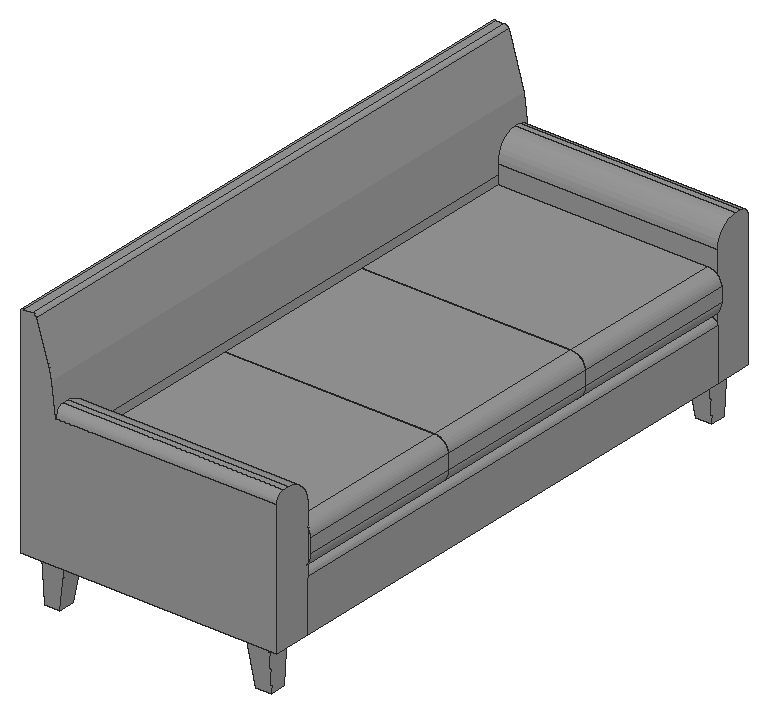
Revit family "Couch", category Furniture, Revit 2015
Reference planes (in)
  plane 1 "Center Front/Back": y = 0
  plane 2: z = 0
  plane 3 "Center Left/Right": x = 0
  plane 4 "r1": y = -43.14527
  plane 5 "r2": y = -38.14527
  plane 6 "r3": x = 14.51371
Forms (in)
  Extrusion 1, solid, material "couch1"
    sketch origin (0, -43.14527, 0) x (-1, 0, 0) y (0, 0, 1)
      loop
        arc (18.73629, 34) -> (18.58984, 34.35355) -> (18.23629, 34.5) r 0.5
        line (18.23629, 34.5) -> (17.16403, 34.5)
        arc (17.16403, 34.5) -> (16.80894, 34.39008) -> (16.57805, 34.09878) r 0.62852
        arc (16.57805, 34.09878) -> (14.63973, 27.29462) -> (13.98619, 20.25) r 38.29411
        line (13.98619, 20.25) -> (13.98619, 6) -> (18.73629, 6) -> (18.73629, 34)
    from 0 to 76.5
  Extrusion 2, solid, material "couch1"
    sketch origin (0, -43.14527, 0) x (-1, 0, 0) y (0, 0, 1)
      loop
        line (13.98619, 6) -> (13.98619, 13.51377) -> (-13.68239, 13.51377)
        arc (-13.68239, 13.51377) -> (-14.27723, 13.26738) -> (-14.52362, 12.67254) r 0.84123
        line (-14.52362, 12.67254) -> (-14.52362, 6) -> (13.98619, 6)
    from 5 to 71.5
  Extrusion 3, solid, material "couch1"
    sketch origin (0, -38.14527, 2.51377) x (-1, 0, 0) y (0, 0, 1)
      loop
        line (13.98619, 11) -> (13.98619, 16.64268) -> (-13.26371, 16.64268)
        arc (-13.26371, 16.64268) -> (-14.50115, 16.13012) -> (-15.01371, 14.89268) r 1.75
        line (-15.01371, 14.89268) -> (-15.01371, 13)
        arc (-15.01371, 13) -> (-14.42792, 11.58579) -> (-13.01371, 11) r 2
        line (-13.01371, 11) -> (13.98619, 11)
    from 0 to 22.17188
  Extrusion 4, solid, material "couch1"
    sketch origin (14.51371, 0, 0) x (0, 0, -1) y (0, -1, 0)
      loop
        line (-6, 38.14527) -> (-6, 43.14527) -> (-23.25, 43.14527)
        arc (-23.25, 43.14527) -> (-24.13388, 42.77916) -> (-24.5, 41.89527) r 1.25
        line (-24.5, 41.89527) -> (-24.5, 41.14527)
        arc (-24.5, 41.14527) -> (-23.62132, 39.02395) -> (-21.5, 38.14527) r 3
        line (-21.5, 38.14527) -> (-6, 38.14527)
    from 0 to 33.25
  Extrusion 5, solid, material "couch1"
    sketch origin (14.51371, -9.79054, 0) x (0, 0, -1) y (0, -1, 0)
      loop
        line (-6, -38.14527) -> (-21.5, -38.14527)
        arc (-21.5, -38.14527) -> (-23.62132, -39.02395) -> (-24.5, -41.14527) r 3
        line (-24.5, -41.14527) -> (-24.5, -41.89527)
        arc (-24.5, -41.89527) -> (-24.13388, -42.77916) -> (-23.25, -43.14527) r 1.25
        line (-23.25, -43.14527) -> (-6, -43.14527) -> (-6, -38.14527)
    from 0 to 33.25
  Extrusion 6, solid, material "couch1"
    sketch origin (0, -15.9734, 2.51377) x (-1, 0, 0) y (0, 0, 1)
      loop
        line (13.98619, 11) -> (13.98619, 16.64268) -> (-13.26371, 16.64268)
        arc (-13.26371, 16.64268) -> (-14.50115, 16.13012) -> (-15.01371, 14.89268) r 1.75
        line (-15.01371, 14.89268) -> (-15.01371, 13)
        arc (-15.01371, 13) -> (-14.42792, 11.58579) -> (-13.01371, 11) r 2
        line (-13.01371, 11) -> (13.98619, 11)
    from 0 to 22.17188
  Extrusion 7, solid, material "couch1"
    sketch origin (0, 6.19848, 2.51377) x (-1, 0, 0) y (0, 0, 1)
      loop
        line (13.98619, 11) -> (13.98619, 16.64268) -> (-13.26371, 16.64268)
        arc (-13.26371, 16.64268) -> (-14.50115, 16.13012) -> (-15.01371, 14.89268) r 1.75
        line (-15.01371, 14.89268) -> (-15.01371, 13)
        arc (-15.01371, 13) -> (-14.42792, 11.58579) -> (-13.01371, 11) r 2
        line (-13.01371, 11) -> (13.98619, 11)
    from 0 to 22.15625
  Blend 8, solid, material "dark wood"
    base sketch origin (0, 0, 0) x (1, 0, 0) y (0, 1, 0)
      loop
        line (12.61799, -41.57997) -> (12.61799, -39.57997) -> (10.61799, -39.57997) -> (10.61799, -41.57997) -> (12.61799, -41.57997)
    top sketch origin (0, 0, 0) x (1, 0, 0) y (0, 1, 0)
      loop
        line (12.61799, -39.07997) -> (9.61799, -39.07997) -> (9.61799, -42.07997) -> (12.61799, -42.07997) -> (12.61799, -39.07997)
    from 0 to 6
  Blend 9, solid, material "dark wood"
    base sketch origin (-4.22258, 0, 0) x (-1, 0, 0) y (0, -1, 0)
      loop
        line (12.61799, 41.57997) -> (10.61799, 41.57997) -> (10.61799, 39.57997) -> (12.61799, 39.57997) -> (12.61799, 41.57997)
    top sketch origin (-4.22258, 0, 0) x (-1, 0, 0) y (0, -1, 0)
      loop
        line (12.61799, 39.07997) -> (12.61799, 42.07997) -> (9.61799, 42.07997) -> (9.61799, 39.07997) -> (12.61799, 39.07997)
    from 0 to 6
  Blend 10, solid, material "dark wood"
    base sketch origin (0, -9.79054, 0) x (1, 0, 0) y (0, 1, 0)
      loop
        line (12.61799, 41.57997) -> (10.61799, 41.57997) -> (10.61799, 39.57997) -> (12.61799, 39.57997) -> (12.61799, 41.57997)
    top sketch origin (0, -9.79054, 0) x (1, 0, 0) y (0, 1, 0)
      loop
        line (12.61799, 39.07997) -> (12.61799, 42.07997) -> (9.61799, 42.07997) -> (9.61799, 39.07997) -> (12.61799, 39.07997)
    from 0 to 6
  Blend 11, solid, material "dark wood"
    base sketch origin (-4.22258, -9.79054, 0) x (-1, 0, 0) y (0, -1, 0)
      loop
        line (12.61799, -41.57997) -> (12.61799, -39.57997) -> (10.61799, -39.57997) -> (10.61799, -41.57997) -> (12.61799, -41.57997)
    top sketch origin (-4.22258, -9.79054, 0) x (-1, 0, 0) y (0, -1, 0)
      loop
        line (12.61799, -39.07997) -> (9.61799, -39.07997) -> (9.61799, -42.07997) -> (12.61799, -42.07997) -> (12.61799, -39.07997)
    from 0 to 6
Cuts and joins
  joined: Extrusion 1, Extrusion 2, Extrusion 4, Extrusion 5
Dimensions and locks (in)
  aligned and locked: level to plane 2
